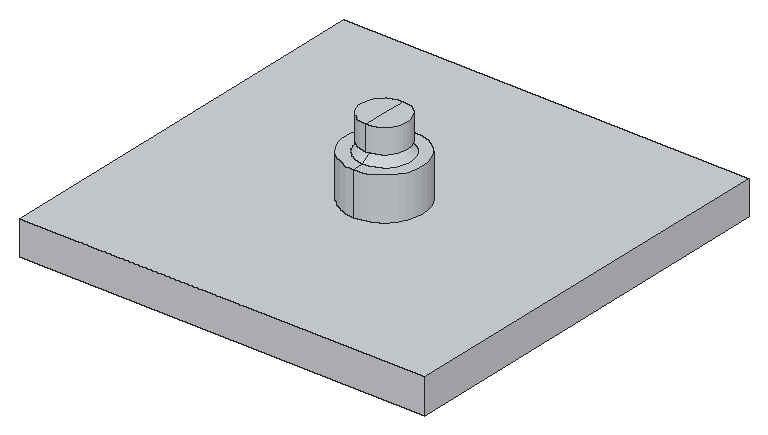
Revit family "BRG-GRF-DCH_ Briggs Reg. Cuad. Top ABS 20 +ù 20 cm Cr", category Aparatos sanitarios, Revit 2020
Family settings
  Cota de conector redondo = Diámetro de uso
  Tipo de pieza = Normal
  Número OmniClass = 23.45.00.00
  Título OmniClass = Sanitary, Laundry, and Cleaning Equipment
  Se basa en plano de trabajo = No
  Siempre vertical = Sí
  Corte con vacíos al cargar = No
  Compartido = Sí
  Punto de cálculo de habitación = Sí
Parameters (values of type "REGADERA CUADRADA TOP ABS 20 x 20 CM")
  _EDESA_ Sku/código = "SG0086563061CW"
  _EDESA_ Materiales = "Latón"
  _EDESA_ Garantía = "De por vida para el cuerpo principal y acabado en cromo (306)"
  _EDESA_ Cumple normativa ADA = ""
  _EDESA_ Contacto comercial = "(02) 395 2900"
  _EDESA_ Conexión hidráulica = "Entrada de agua: tubería ø 1/2\""
  _EDESA_ Certificación = "Cumple con norma NTE - INEN 3123 basada en la norma ASME 112.18.1 - 2012."
  _EDESA_ Productos necesarios para instalación = "Brazo de ducha"
  _EDESA_ Productos incluídos = ""
  _EDESA_ Color = "cromo"
  _EDESA_ Descripción = "Regadera de ducha"
  _EDESA_ Peso en kg = "1.8 kg"
  _EDESA_ Consumo/capacidad de agua en L = "9.5 litros por minuto / 2.5 gpm"
  _EDESA_ Distancia de instalación en cm (muro terminado) = "0"
  _EDESA_ Tipo de instalación = "Con brazo de ducha"
  _EDESA_ Profundidad en cm = "20"
  _EDESA_ Categoría = "Productos > Grifería > Ducha"
  _EDESA_ BIM Manager = "Arq. Milton Ruano"
  _EDESA_ Autor BIM = "www.bimplus.com.ec (bimplus.arquitectura.integrada@gmail.com)"
  _EDESA_ Ancho en cm = "20"
  _EDESA_ Alto en cm = "7.8"
  _EDESA_ Manual de Instalación = "https://www.briggs.com.ec/productos/instructivos/Briggs/Griferia/Regadera_con_brazo.pdf"
  _EDESA_ Nombre = "REGADERA CUADRADA TOP ABS 20 x 20 CM"
  _ALT_Eje instalación = 0.60 m
  _ALT_Basamento = 0.85 m
  URL = "https://www.briggs.com.ec/Productos/fichastecnicaspdf/Briggs/Griferia/Regadera_cuadrada_top_ABS_20_x_20.pdf"
  Modelo = "REGADERA CUADRADA TOP ABS 20 x 20 CM"
  Imagen de tipo = <Ninguno>
  Fabricante = "BRIGGS Ecuador"
  Elevación por defecto = 0.00 m
  Conexión de ventilación = yes
  Conexión de residuos = yes
  Conexión AF = yes
  Conexión AC = yes
Reference planes (m)
  plane 1 "Centro (Frontal/Posterior)": y = 0
  plane 2: z = 0
  plane 3 "Centro (Izquierda/Derecha)": x = 0
Dimensions and locks (m)
  aligned and locked: level to plane 2
  aligned and locked: plane 3 "Centro (Izquierda/Derecha)" to nested 1
  aligned and locked: plane 1 "Centro (Frontal/Posterior)" to nested 1
Nested families (m)
  nested 1: "REJILLA" at (0, 0, 0), type "REJILLA"
Connectors (m)
  piping at (0, 0, 0), diameter 0.0127
    settings: on nested 1, index 1, connector inside diameter 609.6 mm, connector length 0.00 m, flow factor 0, pipe flow 0.0 L/s, pressure drop 0.0 Pa, fitting loss kfactor 0, connector angle 0.00°, fixture units 0, engagement length 0.00 m, angle of deflection 0.00°, flow configuration 0, flow direction 1, fitting loss method 0, system type 7, joint type 0, gender type 0, connector reference index -1, connector utility 0, adjustable connector no, is connector primary yes, connector description ""
Definition of nested family "REJILLA"
  Parameters (values of type "REJILLA")
    _EDESA_tipo genérico = "Inodoro"
    _EDESA_URL de ficha técnica = "https://edesa.com.ec/productos/fichastecnicaspdf/Edesa/Sanitarios/Andes.pdf"
    _EDESA_Imagen = 0
    _EDESA_Fábrica nacional = "EDESA Ecuador"
    _EDESA_Código de producto = "JS0022641301CE"
    _EDESA_ Tolerancia dimensional = "± 3% > 20 cm ± 5% < 20 cm"
    _EDESA_ Tipo de montaje / instalación = "30.5 cm"
    _EDESA_ Superficie del agua = "15.5 cm x 18.8 cm"
    _EDESA_ SKU = "JS0022641301CE"
    _EDESA_ Material secundario = "Plástico blanco"
    _EDESA_ Material principal = "Porcelana tono verde mist"
    _EDESA_ Altura = 72.80 m
    _EDESA_ Peso = "23.20 Kg"
    _EDESA_ Nivel mínimo del agua del tanque = "17.5 cm"
    _EDESA_ Largo = 67.50 m
    _EDESA_ Espesor mínimo = "0.6 cm"
    _EDESA_ Diámetro trampa = "4.8 cm"
    _EDESA_ Color = "Blanco"
    _EDESA_ Categoria = "Two pieces"
    _EDESA_ Capacidad / consumo de agua = "4.8 litros"
    _EDESA_ Ancho = 36.50 m
    _EDESA_ Altura de sello = "N/A"
    _ALT_Toma = 0.60 m
    _ALT_Meson = 0.85 m
    URL = "https://edesa.com.ec/productos/fichastecnicaspdf/Edesa/Sanitarios/Andes.pdf"
    Model = "_Edesa_ INODORO ANDES C/A BLANCO"
    Type Image = element 399132
    Manufacturer = "EDESA Ecuador"
    Default Elevation = 0.00 m
    Vent Connection = no
    Waste Connection = no
    CW Connection = no
    HW Connection = no
  Reference planes (m)
    plane 1 "Centro (Frontal/Posterior)": y = 0
    plane 2: z = 0
    plane 3 "Centro (Izquierda/Derecha)": x = 0
    plane 4 "_Alt_Altura de Meson": z = 0.85
    plane 5 "Centro I/E": z = 0.946565
    plane 6 "_RP_Eje": z = 0.6
  Forms (m)
    Revolve 1, solid
      sketch origin (0, 0, 0) x (0, 1, 0) y (0, 0, 1)
        loop
          line (0.0115, 0) -> (0, 0) -> (0, -0.038) -> (0.019, -0.038) -> (0.019, -0.017) -> (0.01303, -0.017)
          arc (0.01303, -0.017) -> (0.010527, -0.01509) -> (0.007749, -0.013608) r 0.019477
          line (0.007749, -0.013608) -> (0.007749, -0.012) -> (0.0115, -0.012) -> (0.0115, 0)
        axis (0, -0.038) -> (0, 0)
      angle from 0 to 360
    Extrusion 2, solid
      sketch origin (0, 0, 0) x (1, 0, 0) y (0, 1, 0)
        loop
          line (-0.1, 0.1) -> (-0.1, -0.1) -> (0.1, -0.1) -> (0.1, 0.1) -> (-0.1, 0.1)
      from -0.055 to -0.038
    Extrusion 3, solid
      sketch origin (0, 0, 0) x (1, 0, 0) y (0, 1, 0)
        loop
          line (-0.083, -0.083) -> (-0.079, -0.083) -> (-0.079, -0.079) -> (-0.083, -0.079) -> (-0.083, -0.083)
        loop
          circle (-0.081, -0.081) r 0.001
      from -0.056 to -0.055
    Extrusion 4, solid
      sketch origin (0.162, 0, 0) x (1, 0, 0) y (0, 1, 0)
        loop
          line (-0.083, -0.083) -> (-0.079, -0.083) -> (-0.079, -0.079) -> (-0.083, -0.079) -> (-0.083, -0.083)
        loop
          circle (-0.081, -0.081) r 0.001
      from -0.056 to -0.055
    Extrusion 5, solid
      sketch origin (0.018, 0, 0) x (1, 0, 0) y (0, 1, 0)
        loop
          line (-0.083, -0.083) -> (-0.079, -0.083) -> (-0.079, -0.079) -> (-0.083, -0.079) -> (-0.083, -0.083)
        loop
          circle (-0.081, -0.081) r 0.001
      from -0.056 to -0.055
    Extrusion 6, solid
      sketch origin (0.036, 0, 0) x (1, 0, 0) y (0, 1, 0)
        loop
          line (-0.083, -0.083) -> (-0.079, -0.083) -> (-0.079, -0.079) -> (-0.083, -0.079) -> (-0.083, -0.083)
        loop
          circle (-0.081, -0.081) r 0.001
      from -0.056 to -0.055
    Extrusion 7, solid
      sketch origin (0.054, 0, 0) x (1, 0, 0) y (0, 1, 0)
        loop
          line (-0.083, -0.083) -> (-0.079, -0.083) -> (-0.079, -0.079) -> (-0.083, -0.079) -> (-0.083, -0.083)
        loop
          circle (-0.081, -0.081) r 0.001
      from -0.056 to -0.055
    Extrusion 8, solid
      sketch origin (0.072, 0, 0) x (1, 0, 0) y (0, 1, 0)
        loop
          line (-0.083, -0.083) -> (-0.079, -0.083) -> (-0.079, -0.079) -> (-0.083, -0.079) -> (-0.083, -0.083)
        loop
          circle (-0.081, -0.081) r 0.001
      from -0.056 to -0.055
    Extrusion 9, solid
      sketch origin (0.09, 0, 0) x (1, 0, 0) y (0, 1, 0)
        loop
          line (-0.083, -0.083) -> (-0.079, -0.083) -> (-0.079, -0.079) -> (-0.083, -0.079) -> (-0.083, -0.083)
        loop
          circle (-0.081, -0.081) r 0.001
      from -0.056 to -0.055
    Extrusion 10, solid
      sketch origin (0.108, 0, 0) x (1, 0, 0) y (0, 1, 0)
        loop
          line (-0.083, -0.083) -> (-0.079, -0.083) -> (-0.079, -0.079) -> (-0.083, -0.079) -> (-0.083, -0.083)
        loop
          circle (-0.081, -0.081) r 0.001
      from -0.056 to -0.055
    Extrusion 11, solid
      sketch origin (0.126, 0, 0) x (1, 0, 0) y (0, 1, 0)
        loop
          line (-0.083, -0.083) -> (-0.079, -0.083) -> (-0.079, -0.079) -> (-0.083, -0.079) -> (-0.083, -0.083)
        loop
          circle (-0.081, -0.081) r 0.001
      from -0.056 to -0.055
    Extrusion 12, solid
      sketch origin (0.144, 0, 0) x (1, 0, 0) y (0, 1, 0)
        loop
          line (-0.083, -0.083) -> (-0.079, -0.083) -> (-0.079, -0.079) -> (-0.083, -0.079) -> (-0.083, -0.083)
        loop
          circle (-0.081, -0.081) r 0.001
      from -0.056 to -0.055
    Extrusion 13, solid
      sketch origin (0, 0.162, 0) x (1, 0, 0) y (0, 1, 0)
        loop
          line (-0.083, -0.083) -> (-0.079, -0.083) -> (-0.079, -0.079) -> (-0.083, -0.079) -> (-0.083, -0.083)
        loop
          circle (-0.081, -0.081) r 0.001
      from -0.056 to -0.055
    Extrusion 14, solid
      sketch origin (0.162, 0.162, 0) x (1, 0, 0) y (0, 1, 0)
        loop
          line (-0.083, -0.083) -> (-0.079, -0.083) -> (-0.079, -0.079) -> (-0.083, -0.079) -> (-0.083, -0.083)
        loop
          circle (-0.081, -0.081) r 0.001
      from -0.056 to -0.055
    Extrusion 15, solid
      sketch origin (0.018, 0.162, 0) x (1, 0, 0) y (0, 1, 0)
        loop
          line (-0.083, -0.083) -> (-0.079, -0.083) -> (-0.079, -0.079) -> (-0.083, -0.079) -> (-0.083, -0.083)
        loop
          circle (-0.081, -0.081) r 0.001
      from -0.056 to -0.055
    Extrusion 16, solid
      sketch origin (0.036, 0.162, 0) x (1, 0, 0) y (0, 1, 0)
        loop
          line (-0.083, -0.083) -> (-0.079, -0.083) -> (-0.079, -0.079) -> (-0.083, -0.079) -> (-0.083, -0.083)
        loop
          circle (-0.081, -0.081) r 0.001
      from -0.056 to -0.055
    Extrusion 17, solid
      sketch origin (0.054, 0.162, 0) x (1, 0, 0) y (0, 1, 0)
        loop
          line (-0.083, -0.083) -> (-0.079, -0.083) -> (-0.079, -0.079) -> (-0.083, -0.079) -> (-0.083, -0.083)
        loop
          circle (-0.081, -0.081) r 0.001
      from -0.056 to -0.055
    Extrusion 18, solid
      sketch origin (0.072, 0.162, 0) x (1, 0, 0) y (0, 1, 0)
        loop
          line (-0.083, -0.083) -> (-0.079, -0.083) -> (-0.079, -0.079) -> (-0.083, -0.079) -> (-0.083, -0.083)
        loop
          circle (-0.081, -0.081) r 0.001
      from -0.056 to -0.055
    Extrusion 19, solid
      sketch origin (0.09, 0.162, 0) x (1, 0, 0) y (0, 1, 0)
        loop
          line (-0.083, -0.083) -> (-0.079, -0.083) -> (-0.079, -0.079) -> (-0.083, -0.079) -> (-0.083, -0.083)
        loop
          circle (-0.081, -0.081) r 0.001
      from -0.056 to -0.055
    Extrusion 20, solid
      sketch origin (0.108, 0.162, 0) x (1, 0, 0) y (0, 1, 0)
        loop
          line (-0.083, -0.083) -> (-0.079, -0.083) -> (-0.079, -0.079) -> (-0.083, -0.079) -> (-0.083, -0.083)
        loop
          circle (-0.081, -0.081) r 0.001
      from -0.056 to -0.055
    Extrusion 21, solid
      sketch origin (0.126, 0.162, 0) x (1, 0, 0) y (0, 1, 0)
        loop
          line (-0.083, -0.083) -> (-0.079, -0.083) -> (-0.079, -0.079) -> (-0.083, -0.079) -> (-0.083, -0.083)
        loop
          circle (-0.081, -0.081) r 0.001
      from -0.056 to -0.055
    Extrusion 22, solid
      sketch origin (0.144, 0.162, 0) x (1, 0, 0) y (0, 1, 0)
        loop
          line (-0.083, -0.083) -> (-0.079, -0.083) -> (-0.079, -0.079) -> (-0.083, -0.079) -> (-0.083, -0.083)
        loop
          circle (-0.081, -0.081) r 0.001
      from -0.056 to -0.055
    Extrusion 23, solid
      sketch origin (0, 0.018, 0) x (1, 0, 0) y (0, 1, 0)
        loop
          line (-0.083, -0.083) -> (-0.079, -0.083) -> (-0.079, -0.079) -> (-0.083, -0.079) -> (-0.083, -0.083)
        loop
          circle (-0.081, -0.081) r 0.001
      from -0.056 to -0.055
    Extrusion 24, solid
      sketch origin (0.162, 0.018, 0) x (1, 0, 0) y (0, 1, 0)
        loop
          line (-0.083, -0.083) -> (-0.079, -0.083) -> (-0.079, -0.079) -> (-0.083, -0.079) -> (-0.083, -0.083)
        loop
          circle (-0.081, -0.081) r 0.001
      from -0.056 to -0.055
    Extrusion 25, solid
      sketch origin (0.018, 0.018, 0) x (1, 0, 0) y (0, 1, 0)
        loop
          line (-0.083, -0.083) -> (-0.079, -0.083) -> (-0.079, -0.079) -> (-0.083, -0.079) -> (-0.083, -0.083)
        loop
          circle (-0.081, -0.081) r 0.001
      from -0.056 to -0.055
    Extrusion 26, solid
      sketch origin (0.036, 0.018, 0) x (1, 0, 0) y (0, 1, 0)
        loop
          line (-0.083, -0.083) -> (-0.079, -0.083) -> (-0.079, -0.079) -> (-0.083, -0.079) -> (-0.083, -0.083)
        loop
          circle (-0.081, -0.081) r 0.001
      from -0.056 to -0.055
    Extrusion 27, solid
      sketch origin (0.054, 0.018, 0) x (1, 0, 0) y (0, 1, 0)
        loop
          line (-0.083, -0.083) -> (-0.079, -0.083) -> (-0.079, -0.079) -> (-0.083, -0.079) -> (-0.083, -0.083)
        loop
          circle (-0.081, -0.081) r 0.001
      from -0.056 to -0.055
    Extrusion 28, solid
      sketch origin (0.072, 0.018, 0) x (1, 0, 0) y (0, 1, 0)
        loop
          line (-0.083, -0.083) -> (-0.079, -0.083) -> (-0.079, -0.079) -> (-0.083, -0.079) -> (-0.083, -0.083)
        loop
          circle (-0.081, -0.081) r 0.001
      from -0.056 to -0.055
    Extrusion 29, solid
      sketch origin (0.09, 0.018, 0) x (1, 0, 0) y (0, 1, 0)
        loop
          line (-0.083, -0.083) -> (-0.079, -0.083) -> (-0.079, -0.079) -> (-0.083, -0.079) -> (-0.083, -0.083)
        loop
          circle (-0.081, -0.081) r 0.001
      from -0.056 to -0.055
    Extrusion 30, solid
      sketch origin (0.108, 0.018, 0) x (1, 0, 0) y (0, 1, 0)
        loop
          line (-0.083, -0.083) -> (-0.079, -0.083) -> (-0.079, -0.079) -> (-0.083, -0.079) -> (-0.083, -0.083)
        loop
          circle (-0.081, -0.081) r 0.001
      from -0.056 to -0.055
    Extrusion 31, solid
      sketch origin (0.126, 0.018, 0) x (1, 0, 0) y (0, 1, 0)
        loop
          line (-0.083, -0.083) -> (-0.079, -0.083) -> (-0.079, -0.079) -> (-0.083, -0.079) -> (-0.083, -0.083)
        loop
          circle (-0.081, -0.081) r 0.001
      from -0.056 to -0.055
    Extrusion 32, solid
      sketch origin (0.144, 0.018, 0) x (1, 0, 0) y (0, 1, 0)
        loop
          line (-0.083, -0.083) -> (-0.079, -0.083) -> (-0.079, -0.079) -> (-0.083, -0.079) -> (-0.083, -0.083)
        loop
          circle (-0.081, -0.081) r 0.001
      from -0.056 to -0.055
    Extrusion 33, solid
      sketch origin (0, 0.036, 0) x (1, 0, 0) y (0, 1, 0)
        loop
          line (-0.083, -0.083) -> (-0.079, -0.083) -> (-0.079, -0.079) -> (-0.083, -0.079) -> (-0.083, -0.083)
        loop
          circle (-0.081, -0.081) r 0.001
      from -0.056 to -0.055
    Extrusion 34, solid
      sketch origin (0.162, 0.036, 0) x (1, 0, 0) y (0, 1, 0)
        loop
          line (-0.083, -0.083) -> (-0.079, -0.083) -> (-0.079, -0.079) -> (-0.083, -0.079) -> (-0.083, -0.083)
        loop
          circle (-0.081, -0.081) r 0.001
      from -0.056 to -0.055
    Extrusion 35, solid
      sketch origin (0.018, 0.036, 0) x (1, 0, 0) y (0, 1, 0)
        loop
          line (-0.083, -0.083) -> (-0.079, -0.083) -> (-0.079, -0.079) -> (-0.083, -0.079) -> (-0.083, -0.083)
        loop
          circle (-0.081, -0.081) r 0.001
      from -0.056 to -0.055
    Extrusion 36, solid
      sketch origin (0.036, 0.036, 0) x (1, 0, 0) y (0, 1, 0)
        loop
          line (-0.083, -0.083) -> (-0.079, -0.083) -> (-0.079, -0.079) -> (-0.083, -0.079) -> (-0.083, -0.083)
        loop
          circle (-0.081, -0.081) r 0.001
      from -0.056 to -0.055
    Extrusion 37, solid
      sketch origin (0.054, 0.036, 0) x (1, 0, 0) y (0, 1, 0)
        loop
          line (-0.083, -0.083) -> (-0.079, -0.083) -> (-0.079, -0.079) -> (-0.083, -0.079) -> (-0.083, -0.083)
        loop
          circle (-0.081, -0.081) r 0.001
      from -0.056 to -0.055
    Extrusion 38, solid
      sketch origin (0.072, 0.036, 0) x (1, 0, 0) y (0, 1, 0)
        loop
          line (-0.083, -0.083) -> (-0.079, -0.083) -> (-0.079, -0.079) -> (-0.083, -0.079) -> (-0.083, -0.083)
        loop
          circle (-0.081, -0.081) r 0.001
      from -0.056 to -0.055
    Extrusion 39, solid
      sketch origin (0.09, 0.036, 0) x (1, 0, 0) y (0, 1, 0)
        loop
          line (-0.083, -0.083) -> (-0.079, -0.083) -> (-0.079, -0.079) -> (-0.083, -0.079) -> (-0.083, -0.083)
        loop
          circle (-0.081, -0.081) r 0.001
      from -0.056 to -0.055
    Extrusion 40, solid
      sketch origin (0.108, 0.036, 0) x (1, 0, 0) y (0, 1, 0)
        loop
          line (-0.083, -0.083) -> (-0.079, -0.083) -> (-0.079, -0.079) -> (-0.083, -0.079) -> (-0.083, -0.083)
        loop
          circle (-0.081, -0.081) r 0.001
      from -0.056 to -0.055
    Extrusion 41, solid
      sketch origin (0.126, 0.036, 0) x (1, 0, 0) y (0, 1, 0)
        loop
          line (-0.083, -0.083) -> (-0.079, -0.083) -> (-0.079, -0.079) -> (-0.083, -0.079) -> (-0.083, -0.083)
        loop
          circle (-0.081, -0.081) r 0.001
      from -0.056 to -0.055
    Extrusion 42, solid
      sketch origin (0.144, 0.036, 0) x (1, 0, 0) y (0, 1, 0)
        loop
          line (-0.083, -0.083) -> (-0.079, -0.083) -> (-0.079, -0.079) -> (-0.083, -0.079) -> (-0.083, -0.083)
        loop
          circle (-0.081, -0.081) r 0.001
      from -0.056 to -0.055
    Extrusion 43, solid
      sketch origin (0, 0.054, 0) x (1, 0, 0) y (0, 1, 0)
        loop
          line (-0.083, -0.083) -> (-0.079, -0.083) -> (-0.079, -0.079) -> (-0.083, -0.079) -> (-0.083, -0.083)
        loop
          circle (-0.081, -0.081) r 0.001
      from -0.056 to -0.055
    Extrusion 44, solid
      sketch origin (0.162, 0.054, 0) x (1, 0, 0) y (0, 1, 0)
        loop
          line (-0.083, -0.083) -> (-0.079, -0.083) -> (-0.079, -0.079) -> (-0.083, -0.079) -> (-0.083, -0.083)
        loop
          circle (-0.081, -0.081) r 0.001
      from -0.056 to -0.055
    Extrusion 45, solid
      sketch origin (0.018, 0.054, 0) x (1, 0, 0) y (0, 1, 0)
        loop
          line (-0.083, -0.083) -> (-0.079, -0.083) -> (-0.079, -0.079) -> (-0.083, -0.079) -> (-0.083, -0.083)
        loop
          circle (-0.081, -0.081) r 0.001
      from -0.056 to -0.055
    Extrusion 46, solid
      sketch origin (0.036, 0.054, 0) x (1, 0, 0) y (0, 1, 0)
        loop
          line (-0.083, -0.083) -> (-0.079, -0.083) -> (-0.079, -0.079) -> (-0.083, -0.079) -> (-0.083, -0.083)
        loop
          circle (-0.081, -0.081) r 0.001
      from -0.056 to -0.055
    Extrusion 47, solid
      sketch origin (0.054, 0.054, 0) x (1, 0, 0) y (0, 1, 0)
        loop
          line (-0.083, -0.083) -> (-0.079, -0.083) -> (-0.079, -0.079) -> (-0.083, -0.079) -> (-0.083, -0.083)
        loop
          circle (-0.081, -0.081) r 0.001
      from -0.056 to -0.055
    Extrusion 48, solid
      sketch origin (0.072, 0.054, 0) x (1, 0, 0) y (0, 1, 0)
        loop
          line (-0.083, -0.083) -> (-0.079, -0.083) -> (-0.079, -0.079) -> (-0.083, -0.079) -> (-0.083, -0.083)
        loop
          circle (-0.081, -0.081) r 0.001
      from -0.056 to -0.055
    Extrusion 49, solid
      sketch origin (0.09, 0.054, 0) x (1, 0, 0) y (0, 1, 0)
        loop
          line (-0.083, -0.083) -> (-0.079, -0.083) -> (-0.079, -0.079) -> (-0.083, -0.079) -> (-0.083, -0.083)
        loop
          circle (-0.081, -0.081) r 0.001
      from -0.056 to -0.055
    Extrusion 50, solid
      sketch origin (0.108, 0.054, 0) x (1, 0, 0) y (0, 1, 0)
        loop
          line (-0.083, -0.083) -> (-0.079, -0.083) -> (-0.079, -0.079) -> (-0.083, -0.079) -> (-0.083, -0.083)
        loop
          circle (-0.081, -0.081) r 0.001
      from -0.056 to -0.055
    Extrusion 51, solid
      sketch origin (0.126, 0.054, 0) x (1, 0, 0) y (0, 1, 0)
        loop
          line (-0.083, -0.083) -> (-0.079, -0.083) -> (-0.079, -0.079) -> (-0.083, -0.079) -> (-0.083, -0.083)
        loop
          circle (-0.081, -0.081) r 0.001
      from -0.056 to -0.055
    Extrusion 52, solid
      sketch origin (0.144, 0.054, 0) x (1, 0, 0) y (0, 1, 0)
        loop
          line (-0.083, -0.083) -> (-0.079, -0.083) -> (-0.079, -0.079) -> (-0.083, -0.079) -> (-0.083, -0.083)
        loop
          circle (-0.081, -0.081) r 0.001
      from -0.056 to -0.055
    Extrusion 53, solid
      sketch origin (0, 0.072, 0) x (1, 0, 0) y (0, 1, 0)
        loop
          line (-0.083, -0.083) -> (-0.079, -0.083) -> (-0.079, -0.079) -> (-0.083, -0.079) -> (-0.083, -0.083)
        loop
          circle (-0.081, -0.081) r 0.001
      from -0.056 to -0.055
    Extrusion 54, solid
      sketch origin (0.162, 0.072, 0) x (1, 0, 0) y (0, 1, 0)
        loop
          line (-0.083, -0.083) -> (-0.079, -0.083) -> (-0.079, -0.079) -> (-0.083, -0.079) -> (-0.083, -0.083)
        loop
          circle (-0.081, -0.081) r 0.001
      from -0.056 to -0.055
    Extrusion 55, solid
      sketch origin (0.018, 0.072, 0) x (1, 0, 0) y (0, 1, 0)
        loop
          line (-0.083, -0.083) -> (-0.079, -0.083) -> (-0.079, -0.079) -> (-0.083, -0.079) -> (-0.083, -0.083)
        loop
          circle (-0.081, -0.081) r 0.001
      from -0.056 to -0.055
    Extrusion 56, solid
      sketch origin (0.036, 0.072, 0) x (1, 0, 0) y (0, 1, 0)
        loop
          line (-0.083, -0.083) -> (-0.079, -0.083) -> (-0.079, -0.079) -> (-0.083, -0.079) -> (-0.083, -0.083)
        loop
          circle (-0.081, -0.081) r 0.001
      from -0.056 to -0.055
    Extrusion 57, solid
      sketch origin (0.054, 0.072, 0) x (1, 0, 0) y (0, 1, 0)
        loop
          line (-0.083, -0.083) -> (-0.079, -0.083) -> (-0.079, -0.079) -> (-0.083, -0.079) -> (-0.083, -0.083)
        loop
          circle (-0.081, -0.081) r 0.001
      from -0.056 to -0.055
    Extrusion 58, solid
      sketch origin (0.072, 0.072, 0) x (1, 0, 0) y (0, 1, 0)
        loop
          line (-0.083, -0.083) -> (-0.079, -0.083) -> (-0.079, -0.079) -> (-0.083, -0.079) -> (-0.083, -0.083)
        loop
          circle (-0.081, -0.081) r 0.001
      from -0.056 to -0.055
    Extrusion 59, solid
      sketch origin (0.09, 0.072, 0) x (1, 0, 0) y (0, 1, 0)
        loop
          line (-0.083, -0.083) -> (-0.079, -0.083) -> (-0.079, -0.079) -> (-0.083, -0.079) -> (-0.083, -0.083)
        loop
          circle (-0.081, -0.081) r 0.001
      from -0.056 to -0.055
    Extrusion 60, solid
      sketch origin (0.108, 0.072, 0) x (1, 0, 0) y (0, 1, 0)
        loop
          line (-0.083, -0.083) -> (-0.079, -0.083) -> (-0.079, -0.079) -> (-0.083, -0.079) -> (-0.083, -0.083)
        loop
          circle (-0.081, -0.081) r 0.001
      from -0.056 to -0.055
    Extrusion 61, solid
      sketch origin (0.126, 0.072, 0) x (1, 0, 0) y (0, 1, 0)
        loop
          line (-0.083, -0.083) -> (-0.079, -0.083) -> (-0.079, -0.079) -> (-0.083, -0.079) -> (-0.083, -0.083)
        loop
          circle (-0.081, -0.081) r 0.001
      from -0.056 to -0.055
    Extrusion 62, solid
      sketch origin (0.144, 0.072, 0) x (1, 0, 0) y (0, 1, 0)
        loop
          line (-0.083, -0.083) -> (-0.079, -0.083) -> (-0.079, -0.079) -> (-0.083, -0.079) -> (-0.083, -0.083)
        loop
          circle (-0.081, -0.081) r 0.001
      from -0.056 to -0.055
    Extrusion 63, solid
      sketch origin (0, 0.09, 0) x (1, 0, 0) y (0, 1, 0)
        loop
          line (-0.083, -0.083) -> (-0.079, -0.083) -> (-0.079, -0.079) -> (-0.083, -0.079) -> (-0.083, -0.083)
        loop
          circle (-0.081, -0.081) r 0.001
      from -0.056 to -0.055
    Extrusion 64, solid
      sketch origin (0.162, 0.09, 0) x (1, 0, 0) y (0, 1, 0)
        loop
          line (-0.083, -0.083) -> (-0.079, -0.083) -> (-0.079, -0.079) -> (-0.083, -0.079) -> (-0.083, -0.083)
        loop
          circle (-0.081, -0.081) r 0.001
      from -0.056 to -0.055
    Extrusion 65, solid
      sketch origin (0.018, 0.09, 0) x (1, 0, 0) y (0, 1, 0)
        loop
          line (-0.083, -0.083) -> (-0.079, -0.083) -> (-0.079, -0.079) -> (-0.083, -0.079) -> (-0.083, -0.083)
        loop
          circle (-0.081, -0.081) r 0.001
      from -0.056 to -0.055
    Extrusion 66, solid
      sketch origin (0.036, 0.09, 0) x (1, 0, 0) y (0, 1, 0)
        loop
          line (-0.083, -0.083) -> (-0.079, -0.083) -> (-0.079, -0.079) -> (-0.083, -0.079) -> (-0.083, -0.083)
        loop
          circle (-0.081, -0.081) r 0.001
      from -0.056 to -0.055
    Extrusion 67, solid
      sketch origin (0.054, 0.09, 0) x (1, 0, 0) y (0, 1, 0)
        loop
          line (-0.083, -0.083) -> (-0.079, -0.083) -> (-0.079, -0.079) -> (-0.083, -0.079) -> (-0.083, -0.083)
        loop
          circle (-0.081, -0.081) r 0.001
      from -0.056 to -0.055
    Extrusion 68, solid
      sketch origin (0.072, 0.09, 0) x (1, 0, 0) y (0, 1, 0)
        loop
          line (-0.083, -0.083) -> (-0.079, -0.083) -> (-0.079, -0.079) -> (-0.083, -0.079) -> (-0.083, -0.083)
        loop
          circle (-0.081, -0.081) r 0.001
      from -0.056 to -0.055
    Extrusion 69, solid
      sketch origin (0.09, 0.09, 0) x (1, 0, 0) y (0, 1, 0)
        loop
          line (-0.083, -0.083) -> (-0.079, -0.083) -> (-0.079, -0.079) -> (-0.083, -0.079) -> (-0.083, -0.083)
        loop
          circle (-0.081, -0.081) r 0.001
      from -0.056 to -0.055
    Extrusion 70, solid
      sketch origin (0.108, 0.09, 0) x (1, 0, 0) y (0, 1, 0)
        loop
          line (-0.083, -0.083) -> (-0.079, -0.083) -> (-0.079, -0.079) -> (-0.083, -0.079) -> (-0.083, -0.083)
        loop
          circle (-0.081, -0.081) r 0.001
      from -0.056 to -0.055
    Extrusion 71, solid
      sketch origin (0.126, 0.09, 0) x (1, 0, 0) y (0, 1, 0)
        loop
          line (-0.083, -0.083) -> (-0.079, -0.083) -> (-0.079, -0.079) -> (-0.083, -0.079) -> (-0.083, -0.083)
        loop
          circle (-0.081, -0.081) r 0.001
      from -0.056 to -0.055
    Extrusion 72, solid
      sketch origin (0.144, 0.09, 0) x (1, 0, 0) y (0, 1, 0)
        loop
          line (-0.083, -0.083) -> (-0.079, -0.083) -> (-0.079, -0.079) -> (-0.083, -0.079) -> (-0.083, -0.083)
        loop
          circle (-0.081, -0.081) r 0.001
      from -0.056 to -0.055
    Extrusion 73, solid
      sketch origin (0, 0.108, 0) x (1, 0, 0) y (0, 1, 0)
        loop
          line (-0.083, -0.083) -> (-0.079, -0.083) -> (-0.079, -0.079) -> (-0.083, -0.079) -> (-0.083, -0.083)
        loop
          circle (-0.081, -0.081) r 0.001
      from -0.056 to -0.055
    Extrusion 74, solid
      sketch origin (0.162, 0.108, 0) x (1, 0, 0) y (0, 1, 0)
        loop
          line (-0.083, -0.083) -> (-0.079, -0.083) -> (-0.079, -0.079) -> (-0.083, -0.079) -> (-0.083, -0.083)
        loop
          circle (-0.081, -0.081) r 0.001
      from -0.056 to -0.055
    Extrusion 75, solid
      sketch origin (0.018, 0.108, 0) x (1, 0, 0) y (0, 1, 0)
        loop
          line (-0.083, -0.083) -> (-0.079, -0.083) -> (-0.079, -0.079) -> (-0.083, -0.079) -> (-0.083, -0.083)
        loop
          circle (-0.081, -0.081) r 0.001
      from -0.056 to -0.055
    Extrusion 76, solid
      sketch origin (0.036, 0.108, 0) x (1, 0, 0) y (0, 1, 0)
        loop
          line (-0.083, -0.083) -> (-0.079, -0.083) -> (-0.079, -0.079) -> (-0.083, -0.079) -> (-0.083, -0.083)
        loop
          circle (-0.081, -0.081) r 0.001
      from -0.056 to -0.055
    Extrusion 77, solid
      sketch origin (0.054, 0.108, 0) x (1, 0, 0) y (0, 1, 0)
        loop
          line (-0.083, -0.083) -> (-0.079, -0.083) -> (-0.079, -0.079) -> (-0.083, -0.079) -> (-0.083, -0.083)
        loop
          circle (-0.081, -0.081) r 0.001
      from -0.056 to -0.055
    Extrusion 78, solid
      sketch origin (0.072, 0.108, 0) x (1, 0, 0) y (0, 1, 0)
        loop
          line (-0.083, -0.083) -> (-0.079, -0.083) -> (-0.079, -0.079) -> (-0.083, -0.079) -> (-0.083, -0.083)
        loop
          circle (-0.081, -0.081) r 0.001
      from -0.056 to -0.055
    Extrusion 79, solid
      sketch origin (0.09, 0.108, 0) x (1, 0, 0) y (0, 1, 0)
        loop
          line (-0.083, -0.083) -> (-0.079, -0.083) -> (-0.079, -0.079) -> (-0.083, -0.079) -> (-0.083, -0.083)
        loop
          circle (-0.081, -0.081) r 0.001
      from -0.056 to -0.055
    Extrusion 80, solid
      sketch origin (0.108, 0.108, 0) x (1, 0, 0) y (0, 1, 0)
        loop
          line (-0.083, -0.083) -> (-0.079, -0.083) -> (-0.079, -0.079) -> (-0.083, -0.079) -> (-0.083, -0.083)
        loop
          circle (-0.081, -0.081) r 0.001
      from -0.056 to -0.055
    Extrusion 81, solid
      sketch origin (0.126, 0.108, 0) x (1, 0, 0) y (0, 1, 0)
        loop
          line (-0.083, -0.083) -> (-0.079, -0.083) -> (-0.079, -0.079) -> (-0.083, -0.079) -> (-0.083, -0.083)
        loop
          circle (-0.081, -0.081) r 0.001
      from -0.056 to -0.055
    Extrusion 82, solid
      sketch origin (0.144, 0.108, 0) x (1, 0, 0) y (0, 1, 0)
        loop
          line (-0.083, -0.083) -> (-0.079, -0.083) -> (-0.079, -0.079) -> (-0.083, -0.079) -> (-0.083, -0.083)
        loop
          circle (-0.081, -0.081) r 0.001
      from -0.056 to -0.055
    Extrusion 83, solid
      sketch origin (0, 0.126, 0) x (1, 0, 0) y (0, 1, 0)
        loop
          line (-0.083, -0.083) -> (-0.079, -0.083) -> (-0.079, -0.079) -> (-0.083, -0.079) -> (-0.083, -0.083)
        loop
          circle (-0.081, -0.081) r 0.001
      from -0.056 to -0.055
    Extrusion 84, solid
      sketch origin (0.162, 0.126, 0) x (1, 0, 0) y (0, 1, 0)
        loop
          line (-0.083, -0.083) -> (-0.079, -0.083) -> (-0.079, -0.079) -> (-0.083, -0.079) -> (-0.083, -0.083)
        loop
          circle (-0.081, -0.081) r 0.001
      from -0.056 to -0.055
    Extrusion 85, solid
      sketch origin (0.018, 0.126, 0) x (1, 0, 0) y (0, 1, 0)
        loop
          line (-0.083, -0.083) -> (-0.079, -0.083) -> (-0.079, -0.079) -> (-0.083, -0.079) -> (-0.083, -0.083)
        loop
          circle (-0.081, -0.081) r 0.001
      from -0.056 to -0.055
    Extrusion 86, solid
      sketch origin (0.036, 0.126, 0) x (1, 0, 0) y (0, 1, 0)
        loop
          line (-0.083, -0.083) -> (-0.079, -0.083) -> (-0.079, -0.079) -> (-0.083, -0.079) -> (-0.083, -0.083)
        loop
          circle (-0.081, -0.081) r 0.001
      from -0.056 to -0.055
    Extrusion 87, solid
      sketch origin (0.054, 0.126, 0) x (1, 0, 0) y (0, 1, 0)
        loop
          line (-0.083, -0.083) -> (-0.079, -0.083) -> (-0.079, -0.079) -> (-0.083, -0.079) -> (-0.083, -0.083)
        loop
          circle (-0.081, -0.081) r 0.001
      from -0.056 to -0.055
    Extrusion 88, solid
      sketch origin (0.072, 0.126, 0) x (1, 0, 0) y (0, 1, 0)
        loop
          line (-0.083, -0.083) -> (-0.079, -0.083) -> (-0.079, -0.079) -> (-0.083, -0.079) -> (-0.083, -0.083)
        loop
          circle (-0.081, -0.081) r 0.001
      from -0.056 to -0.055
    Extrusion 89, solid
      sketch origin (0.09, 0.126, 0) x (1, 0, 0) y (0, 1, 0)
        loop
          line (-0.083, -0.083) -> (-0.079, -0.083) -> (-0.079, -0.079) -> (-0.083, -0.079) -> (-0.083, -0.083)
        loop
          circle (-0.081, -0.081) r 0.001
      from -0.056 to -0.055
    Extrusion 90, solid
      sketch origin (0.108, 0.126, 0) x (1, 0, 0) y (0, 1, 0)
        loop
          line (-0.083, -0.083) -> (-0.079, -0.083) -> (-0.079, -0.079) -> (-0.083, -0.079) -> (-0.083, -0.083)
        loop
          circle (-0.081, -0.081) r 0.001
      from -0.056 to -0.055
    Extrusion 91, solid
      sketch origin (0.126, 0.126, 0) x (1, 0, 0) y (0, 1, 0)
        loop
          line (-0.083, -0.083) -> (-0.079, -0.083) -> (-0.079, -0.079) -> (-0.083, -0.079) -> (-0.083, -0.083)
        loop
          circle (-0.081, -0.081) r 0.001
      from -0.056 to -0.055
    Extrusion 92, solid
      sketch origin (0.144, 0.126, 0) x (1, 0, 0) y (0, 1, 0)
        loop
          line (-0.083, -0.083) -> (-0.079, -0.083) -> (-0.079, -0.079) -> (-0.083, -0.079) -> (-0.083, -0.083)
        loop
          circle (-0.081, -0.081) r 0.001
      from -0.056 to -0.055
    Extrusion 93, solid
      sketch origin (0, 0.144, 0) x (1, 0, 0) y (0, 1, 0)
        loop
          line (-0.083, -0.083) -> (-0.079, -0.083) -> (-0.079, -0.079) -> (-0.083, -0.079) -> (-0.083, -0.083)
        loop
          circle (-0.081, -0.081) r 0.001
      from -0.056 to -0.055
    Extrusion 94, solid
      sketch origin (0.162, 0.144, 0) x (1, 0, 0) y (0, 1, 0)
        loop
          line (-0.083, -0.083) -> (-0.079, -0.083) -> (-0.079, -0.079) -> (-0.083, -0.079) -> (-0.083, -0.083)
        loop
          circle (-0.081, -0.081) r 0.001
      from -0.056 to -0.055
    Extrusion 95, solid
      sketch origin (0.018, 0.144, 0) x (1, 0, 0) y (0, 1, 0)
        loop
          line (-0.083, -0.083) -> (-0.079, -0.083) -> (-0.079, -0.079) -> (-0.083, -0.079) -> (-0.083, -0.083)
        loop
          circle (-0.081, -0.081) r 0.001
      from -0.056 to -0.055
    Extrusion 96, solid
      sketch origin (0.036, 0.144, 0) x (1, 0, 0) y (0, 1, 0)
        loop
          line (-0.083, -0.083) -> (-0.079, -0.083) -> (-0.079, -0.079) -> (-0.083, -0.079) -> (-0.083, -0.083)
        loop
          circle (-0.081, -0.081) r 0.001
      from -0.056 to -0.055
    Extrusion 97, solid
      sketch origin (0.054, 0.144, 0) x (1, 0, 0) y (0, 1, 0)
        loop
          line (-0.083, -0.083) -> (-0.079, -0.083) -> (-0.079, -0.079) -> (-0.083, -0.079) -> (-0.083, -0.083)
        loop
          circle (-0.081, -0.081) r 0.001
      from -0.056 to -0.055
    Extrusion 98, solid
      sketch origin (0.072, 0.144, 0) x (1, 0, 0) y (0, 1, 0)
        loop
          line (-0.083, -0.083) -> (-0.079, -0.083) -> (-0.079, -0.079) -> (-0.083, -0.079) -> (-0.083, -0.083)
        loop
          circle (-0.081, -0.081) r 0.001
      from -0.056 to -0.055
    Extrusion 99, solid
      sketch origin (0.09, 0.144, 0) x (1, 0, 0) y (0, 1, 0)
        loop
          line (-0.083, -0.083) -> (-0.079, -0.083) -> (-0.079, -0.079) -> (-0.083, -0.079) -> (-0.083, -0.083)
        loop
          circle (-0.081, -0.081) r 0.001
      from -0.056 to -0.055
    Extrusion 100, solid
      sketch origin (0.108, 0.144, 0) x (1, 0, 0) y (0, 1, 0)
        loop
          line (-0.083, -0.083) -> (-0.079, -0.083) -> (-0.079, -0.079) -> (-0.083, -0.079) -> (-0.083, -0.083)
        loop
          circle (-0.081, -0.081) r 0.001
      from -0.056 to -0.055
    Extrusion 101, solid
      sketch origin (0.126, 0.144, 0) x (1, 0, 0) y (0, 1, 0)
        loop
          line (-0.083, -0.083) -> (-0.079, -0.083) -> (-0.079, -0.079) -> (-0.083, -0.079) -> (-0.083, -0.083)
        loop
          circle (-0.081, -0.081) r 0.001
      from -0.056 to -0.055
    Extrusion 102, solid
      sketch origin (0.144, 0.144, 0) x (1, 0, 0) y (0, 1, 0)
        loop
          line (-0.083, -0.083) -> (-0.079, -0.083) -> (-0.079, -0.079) -> (-0.083, -0.079) -> (-0.083, -0.083)
        loop
          circle (-0.081, -0.081) r 0.001
      from -0.056 to -0.055
  Dimensions and locks (m)
    plane 4 "_Alt_Altura de Meson" to level = 0.85 m
    "_ALT_Toma": plane 6 "_RP_Eje" to plane 2
    "_ALT_Meson": plane 4 "_Alt_Altura de Meson" to plane 2
    aligned and locked: level to plane 2
  Automatic sketch dimensions
    Revolve 1 sketch curve to plane 1 "Centro (Frontal/Posterior)" = 0.00 m  (x2)
    Revolve 1 sketch curve to level = 0.00 m
    level to Revolve 1 sketch curve = 0.115 m
    Revolve 1 sketch curve to Revolve 1 sketch curve = 0.05 m
    Extrusion 2 sketch curve to plane 3 "Centro (Izquierda/Derecha)" = 0.10 m
    Extrusion 2 sketch curve to plane 1 "Centro (Frontal/Posterior)" = 0.10 m
    plane 3 "Centro (Izquierda/Derecha)" to Extrusion 2 sketch curve = 0.10 m
    plane 1 "Centro (Frontal/Posterior)" to Extrusion 2 sketch curve = 0.10 m
    Revolve 1 sketch curve to level = 0.012 m
    Revolve 1 sketch curve to plane 1 "Centro (Frontal/Posterior)" = 0.007749 m
    Revolve 1 sketch curve to plane 1 "Centro (Frontal/Posterior)" = 0.019 m
    Revolve 1 sketch curve to Revolve 1 sketch curve = 0.005 m
    Revolve 1 sketch curve to Revolve 1 sketch curve = 0.003751 m
    Revolve 1 sketch curve to Revolve 1 sketch curve = 0.001608 m
    Revolve 1 sketch curve to Revolve 1 sketch curve = 0.006523 m
    Revolve 1 sketch curve to Revolve 1 sketch curve = 0.00153 m
    plane 1 "Centro (Frontal/Posterior)" to Revolve 1 sketch curve = 0.00 m
    Extrusion 3 sketch curve to Extrusion 3 sketch curve = 0.004 m  (x2)
    Extrusion 3 sketch curve to Extrusion 3 sketch curve = 0.002 m  (x2)
    Extrusion 4 sketch curve to Extrusion 4 sketch curve = 0.004 m  (x2)
    Extrusion 4 sketch curve to Extrusion 4 sketch curve = 0.002 m  (x2)
    Extrusion 5 sketch curve to Extrusion 5 sketch curve = 0.004 m  (x2)
    Extrusion 5 sketch curve to Extrusion 5 sketch curve = 0.002 m  (x2)
    Extrusion 6 sketch curve to Extrusion 6 sketch curve = 0.004 m  (x2)
    Extrusion 6 sketch curve to Extrusion 6 sketch curve = 0.002 m  (x2)
    Extrusion 7 sketch curve to Extrusion 7 sketch curve = 0.004 m  (x2)
    Extrusion 7 sketch curve to Extrusion 7 sketch curve = 0.002 m  (x2)
    Extrusion 8 sketch curve to Extrusion 8 sketch curve = 0.004 m  (x2)
    Extrusion 8 sketch curve to Extrusion 8 sketch curve = 0.002 m  (x2)
    Extrusion 9 sketch curve to Extrusion 9 sketch curve = 0.004 m  (x2)
    Extrusion 9 sketch curve to Extrusion 9 sketch curve = 0.002 m  (x2)
    Extrusion 10 sketch curve to Extrusion 10 sketch curve = 0.004 m  (x2)
    Extrusion 10 sketch curve to Extrusion 10 sketch curve = 0.002 m  (x2)
    Extrusion 11 sketch curve to Extrusion 11 sketch curve = 0.004 m  (x2)
    Extrusion 11 sketch curve to Extrusion 11 sketch curve = 0.002 m  (x2)
    Extrusion 12 sketch curve to Extrusion 12 sketch curve = 0.004 m  (x2)
    Extrusion 12 sketch curve to Extrusion 12 sketch curve = 0.002 m  (x2)
    Extrusion 13 sketch curve to Extrusion 13 sketch curve = 0.004 m  (x2)
    Extrusion 13 sketch curve to Extrusion 13 sketch curve = 0.002 m  (x2)
    Extrusion 14 sketch curve to Extrusion 14 sketch curve = 0.004 m  (x2)
    Extrusion 14 sketch curve to Extrusion 14 sketch curve = 0.002 m  (x2)
    Extrusion 15 sketch curve to Extrusion 15 sketch curve = 0.004 m  (x2)
    Extrusion 15 sketch curve to Extrusion 15 sketch curve = 0.002 m  (x2)
    Extrusion 16 sketch curve to Extrusion 16 sketch curve = 0.004 m  (x2)
    Extrusion 16 sketch curve to Extrusion 16 sketch curve = 0.002 m  (x2)
    Extrusion 17 sketch curve to Extrusion 17 sketch curve = 0.004 m  (x2)
    Extrusion 17 sketch curve to Extrusion 17 sketch curve = 0.002 m  (x2)
    Extrusion 18 sketch curve to Extrusion 18 sketch curve = 0.004 m  (x2)
    Extrusion 18 sketch curve to Extrusion 18 sketch curve = 0.002 m  (x2)
    Extrusion 19 sketch curve to Extrusion 19 sketch curve = 0.004 m  (x2)
    Extrusion 19 sketch curve to Extrusion 19 sketch curve = 0.002 m  (x2)
    Extrusion 20 sketch curve to Extrusion 20 sketch curve = 0.004 m  (x2)
    Extrusion 20 sketch curve to Extrusion 20 sketch curve = 0.002 m  (x2)
    Extrusion 21 sketch curve to Extrusion 21 sketch curve = 0.004 m  (x2)
    Extrusion 21 sketch curve to Extrusion 21 sketch curve = 0.002 m  (x2)
    Extrusion 22 sketch curve to Extrusion 22 sketch curve = 0.004 m  (x2)
    Extrusion 22 sketch curve to Extrusion 22 sketch curve = 0.002 m  (x2)
    Extrusion 23 sketch curve to Extrusion 23 sketch curve = 0.004 m  (x2)
    Extrusion 23 sketch curve to Extrusion 23 sketch curve = 0.002 m  (x2)
    Extrusion 24 sketch curve to Extrusion 24 sketch curve = 0.004 m  (x2)
    Extrusion 24 sketch curve to Extrusion 24 sketch curve = 0.002 m  (x2)
    Extrusion 25 sketch curve to Extrusion 25 sketch curve = 0.004 m  (x2)
    Extrusion 25 sketch curve to Extrusion 25 sketch curve = 0.002 m  (x2)
    Extrusion 26 sketch curve to Extrusion 26 sketch curve = 0.004 m  (x2)
    Extrusion 26 sketch curve to Extrusion 26 sketch curve = 0.002 m  (x2)
    Extrusion 27 sketch curve to Extrusion 27 sketch curve = 0.004 m  (x2)
    Extrusion 27 sketch curve to Extrusion 27 sketch curve = 0.002 m  (x2)
    Extrusion 28 sketch curve to Extrusion 28 sketch curve = 0.004 m  (x2)
    Extrusion 28 sketch curve to Extrusion 28 sketch curve = 0.002 m  (x2)
    Extrusion 29 sketch curve to Extrusion 29 sketch curve = 0.004 m  (x2)
    Extrusion 29 sketch curve to Extrusion 29 sketch curve = 0.002 m  (x2)
    Extrusion 30 sketch curve to Extrusion 30 sketch curve = 0.004 m  (x2)
    Extrusion 30 sketch curve to Extrusion 30 sketch curve = 0.002 m  (x2)
    Extrusion 31 sketch curve to Extrusion 31 sketch curve = 0.004 m  (x2)
    Extrusion 31 sketch curve to Extrusion 31 sketch curve = 0.002 m  (x2)
    Extrusion 32 sketch curve to Extrusion 32 sketch curve = 0.004 m  (x2)
    Extrusion 32 sketch curve to Extrusion 32 sketch curve = 0.002 m  (x2)
    Extrusion 33 sketch curve to Extrusion 33 sketch curve = 0.004 m  (x2)
    Extrusion 33 sketch curve to Extrusion 33 sketch curve = 0.002 m  (x2)
    Extrusion 34 sketch curve to Extrusion 34 sketch curve = 0.004 m  (x2)
    Extrusion 34 sketch curve to Extrusion 34 sketch curve = 0.002 m  (x2)
    Extrusion 35 sketch curve to Extrusion 35 sketch curve = 0.004 m  (x2)
    Extrusion 35 sketch curve to Extrusion 35 sketch curve = 0.002 m  (x2)
    Extrusion 36 sketch curve to Extrusion 36 sketch curve = 0.004 m  (x2)
    Extrusion 36 sketch curve to Extrusion 36 sketch curve = 0.002 m  (x2)
    Extrusion 37 sketch curve to Extrusion 37 sketch curve = 0.004 m  (x2)
    Extrusion 37 sketch curve to Extrusion 37 sketch curve = 0.002 m  (x2)
    Extrusion 38 sketch curve to Extrusion 38 sketch curve = 0.004 m  (x2)
    Extrusion 38 sketch curve to Extrusion 38 sketch curve = 0.002 m  (x2)
    Extrusion 39 sketch curve to Extrusion 39 sketch curve = 0.004 m  (x2)
    Extrusion 39 sketch curve to Extrusion 39 sketch curve = 0.002 m  (x2)
    Extrusion 40 sketch curve to Extrusion 40 sketch curve = 0.004 m  (x2)
    Extrusion 40 sketch curve to Extrusion 40 sketch curve = 0.002 m  (x2)
    Extrusion 41 sketch curve to Extrusion 41 sketch curve = 0.004 m  (x2)
    Extrusion 41 sketch curve to Extrusion 41 sketch curve = 0.002 m  (x2)
    Extrusion 42 sketch curve to Extrusion 42 sketch curve = 0.004 m  (x2)
    Extrusion 42 sketch curve to Extrusion 42 sketch curve = 0.002 m  (x2)
    Extrusion 43 sketch curve to Extrusion 43 sketch curve = 0.004 m  (x2)
    Extrusion 43 sketch curve to Extrusion 43 sketch curve = 0.002 m  (x2)
    Extrusion 44 sketch curve to Extrusion 44 sketch curve = 0.004 m  (x2)
    Extrusion 44 sketch curve to Extrusion 44 sketch curve = 0.002 m  (x2)
    Extrusion 45 sketch curve to Extrusion 45 sketch curve = 0.004 m  (x2)
    Extrusion 45 sketch curve to Extrusion 45 sketch curve = 0.002 m  (x2)
    Extrusion 46 sketch curve to Extrusion 46 sketch curve = 0.004 m  (x2)
    Extrusion 46 sketch curve to Extrusion 46 sketch curve = 0.002 m  (x2)
    Extrusion 47 sketch curve to Extrusion 47 sketch curve = 0.004 m  (x2)
    Extrusion 47 sketch curve to Extrusion 47 sketch curve = 0.002 m  (x2)
    Extrusion 48 sketch curve to Extrusion 48 sketch curve = 0.004 m  (x2)
    Extrusion 48 sketch curve to Extrusion 48 sketch curve = 0.002 m  (x2)
    Extrusion 49 sketch curve to Extrusion 49 sketch curve = 0.004 m  (x2)
    Extrusion 49 sketch curve to Extrusion 49 sketch curve = 0.002 m  (x2)
    Extrusion 50 sketch curve to Extrusion 50 sketch curve = 0.004 m  (x2)
    Extrusion 50 sketch curve to Extrusion 50 sketch curve = 0.002 m  (x2)
    Extrusion 51 sketch curve to Extrusion 51 sketch curve = 0.004 m  (x2)
    Extrusion 51 sketch curve to Extrusion 51 sketch curve = 0.002 m  (x2)
    Extrusion 52 sketch curve to Extrusion 52 sketch curve = 0.004 m  (x2)
    Extrusion 52 sketch curve to Extrusion 52 sketch curve = 0.002 m  (x2)
    Extrusion 53 sketch curve to Extrusion 53 sketch curve = 0.004 m  (x2)
    Extrusion 53 sketch curve to Extrusion 53 sketch curve = 0.002 m  (x2)
    Extrusion 54 sketch curve to Extrusion 54 sketch curve = 0.004 m  (x2)
    Extrusion 54 sketch curve to Extrusion 54 sketch curve = 0.002 m  (x2)
    Extrusion 55 sketch curve to Extrusion 55 sketch curve = 0.004 m  (x2)
    Extrusion 55 sketch curve to Extrusion 55 sketch curve = 0.002 m  (x2)
    Extrusion 56 sketch curve to Extrusion 56 sketch curve = 0.004 m  (x2)
    Extrusion 56 sketch curve to Extrusion 56 sketch curve = 0.002 m  (x2)
    Extrusion 57 sketch curve to Extrusion 57 sketch curve = 0.004 m  (x2)
    Extrusion 57 sketch curve to Extrusion 57 sketch curve = 0.002 m  (x2)
    Extrusion 58 sketch curve to Extrusion 58 sketch curve = 0.004 m  (x2)
    Extrusion 58 sketch curve to Extrusion 58 sketch curve = 0.002 m  (x2)
    Extrusion 59 sketch curve to Extrusion 59 sketch curve = 0.004 m  (x2)
    Extrusion 59 sketch curve to Extrusion 59 sketch curve = 0.002 m  (x2)
    Extrusion 60 sketch curve to Extrusion 60 sketch curve = 0.004 m  (x2)
    Extrusion 60 sketch curve to Extrusion 60 sketch curve = 0.002 m  (x2)
    Extrusion 61 sketch curve to Extrusion 61 sketch curve = 0.004 m  (x2)
    Extrusion 61 sketch curve to Extrusion 61 sketch curve = 0.002 m  (x2)
    Extrusion 62 sketch curve to Extrusion 62 sketch curve = 0.004 m  (x2)
    Extrusion 62 sketch curve to Extrusion 62 sketch curve = 0.002 m  (x2)
    Extrusion 63 sketch curve to Extrusion 63 sketch curve = 0.004 m  (x2)
    Extrusion 63 sketch curve to Extrusion 63 sketch curve = 0.002 m  (x2)
    Extrusion 64 sketch curve to Extrusion 64 sketch curve = 0.004 m  (x2)
    Extrusion 64 sketch curve to Extrusion 64 sketch curve = 0.002 m  (x2)
    Extrusion 65 sketch curve to Extrusion 65 sketch curve = 0.004 m  (x2)
    Extrusion 65 sketch curve to Extrusion 65 sketch curve = 0.002 m  (x2)
    Extrusion 66 sketch curve to Extrusion 66 sketch curve = 0.004 m  (x2)
    Extrusion 66 sketch curve to Extrusion 66 sketch curve = 0.002 m  (x2)
    Extrusion 67 sketch curve to Extrusion 67 sketch curve = 0.004 m  (x2)
    Extrusion 67 sketch curve to Extrusion 67 sketch curve = 0.002 m  (x2)
    Extrusion 68 sketch curve to Extrusion 68 sketch curve = 0.004 m  (x2)
    Extrusion 68 sketch curve to Extrusion 68 sketch curve = 0.002 m  (x2)
    Extrusion 69 sketch curve to Extrusion 69 sketch curve = 0.004 m  (x2)
    Extrusion 69 sketch curve to Extrusion 69 sketch curve = 0.002 m  (x2)
    Extrusion 70 sketch curve to Extrusion 70 sketch curve = 0.004 m  (x2)
    Extrusion 70 sketch curve to Extrusion 70 sketch curve = 0.002 m  (x2)
    Extrusion 71 sketch curve to Extrusion 71 sketch curve = 0.004 m  (x2)
    Extrusion 71 sketch curve to Extrusion 71 sketch curve = 0.002 m  (x2)
    Extrusion 72 sketch curve to Extrusion 72 sketch curve = 0.004 m  (x2)
    Extrusion 72 sketch curve to Extrusion 72 sketch curve = 0.002 m  (x2)
    Extrusion 73 sketch curve to Extrusion 73 sketch curve = 0.004 m  (x2)
    Extrusion 73 sketch curve to Extrusion 73 sketch curve = 0.002 m  (x2)
    Extrusion 74 sketch curve to Extrusion 74 sketch curve = 0.004 m  (x2)
    Extrusion 74 sketch curve to Extrusion 74 sketch curve = 0.002 m  (x2)
    Extrusion 75 sketch curve to Extrusion 75 sketch curve = 0.004 m  (x2)
    Extrusion 75 sketch curve to Extrusion 75 sketch curve = 0.002 m  (x2)
    Extrusion 76 sketch curve to Extrusion 76 sketch curve = 0.004 m  (x2)
    Extrusion 76 sketch curve to Extrusion 76 sketch curve = 0.002 m  (x2)
    Extrusion 77 sketch curve to Extrusion 77 sketch curve = 0.004 m  (x2)
    Extrusion 77 sketch curve to Extrusion 77 sketch curve = 0.002 m  (x2)
    Extrusion 78 sketch curve to Extrusion 78 sketch curve = 0.004 m  (x2)
    Extrusion 78 sketch curve to Extrusion 78 sketch curve = 0.002 m  (x2)
    Extrusion 79 sketch curve to Extrusion 79 sketch curve = 0.004 m  (x2)
    Extrusion 79 sketch curve to Extrusion 79 sketch curve = 0.002 m  (x2)
    Extrusion 80 sketch curve to Extrusion 80 sketch curve = 0.004 m  (x2)
    Extrusion 80 sketch curve to Extrusion 80 sketch curve = 0.002 m  (x2)
    Extrusion 81 sketch curve to Extrusion 81 sketch curve = 0.004 m  (x2)
    Extrusion 81 sketch curve to Extrusion 81 sketch curve = 0.002 m  (x2)
    Extrusion 82 sketch curve to Extrusion 82 sketch curve = 0.004 m  (x2)
    Extrusion 82 sketch curve to Extrusion 82 sketch curve = 0.002 m  (x2)
    Extrusion 83 sketch curve to Extrusion 83 sketch curve = 0.004 m  (x2)
    Extrusion 83 sketch curve to Extrusion 83 sketch curve = 0.002 m  (x2)
    Extrusion 84 sketch curve to Extrusion 84 sketch curve = 0.004 m  (x2)
    Extrusion 84 sketch curve to Extrusion 84 sketch curve = 0.002 m  (x2)
    Extrusion 85 sketch curve to Extrusion 85 sketch curve = 0.004 m  (x2)
    Extrusion 85 sketch curve to Extrusion 85 sketch curve = 0.002 m  (x2)
    Extrusion 86 sketch curve to Extrusion 86 sketch curve = 0.004 m  (x2)
    Extrusion 86 sketch curve to Extrusion 86 sketch curve = 0.002 m  (x2)
    Extrusion 87 sketch curve to Extrusion 87 sketch curve = 0.004 m  (x2)
    Extrusion 87 sketch curve to Extrusion 87 sketch curve = 0.002 m  (x2)
    Extrusion 88 sketch curve to Extrusion 88 sketch curve = 0.004 m  (x2)
    Extrusion 88 sketch curve to Extrusion 88 sketch curve = 0.002 m  (x2)
    Extrusion 89 sketch curve to Extrusion 89 sketch curve = 0.004 m  (x2)
    Extrusion 89 sketch curve to Extrusion 89 sketch curve = 0.002 m  (x2)
    Extrusion 90 sketch curve to Extrusion 90 sketch curve = 0.004 m  (x2)
    Extrusion 90 sketch curve to Extrusion 90 sketch curve = 0.002 m  (x2)
    Extrusion 91 sketch curve to Extrusion 91 sketch curve = 0.004 m  (x2)
    Extrusion 91 sketch curve to Extrusion 91 sketch curve = 0.002 m  (x2)
    Extrusion 92 sketch curve to Extrusion 92 sketch curve = 0.004 m  (x2)
    Extrusion 92 sketch curve to Extrusion 92 sketch curve = 0.002 m  (x2)
    Extrusion 93 sketch curve to Extrusion 93 sketch curve = 0.004 m  (x2)
    Extrusion 93 sketch curve to Extrusion 93 sketch curve = 0.002 m  (x2)
    Extrusion 94 sketch curve to Extrusion 94 sketch curve = 0.004 m  (x2)
    Extrusion 94 sketch curve to Extrusion 94 sketch curve = 0.002 m  (x2)
    Extrusion 95 sketch curve to Extrusion 95 sketch curve = 0.004 m  (x2)
    Extrusion 95 sketch curve to Extrusion 95 sketch curve = 0.002 m  (x2)
    Extrusion 96 sketch curve to Extrusion 96 sketch curve = 0.004 m  (x2)
    Extrusion 96 sketch curve to Extrusion 96 sketch curve = 0.002 m  (x2)
    Extrusion 97 sketch curve to Extrusion 97 sketch curve = 0.004 m  (x2)
    Extrusion 97 sketch curve to Extrusion 97 sketch curve = 0.002 m  (x2)
    Extrusion 98 sketch curve to Extrusion 98 sketch curve = 0.004 m  (x2)
    Extrusion 98 sketch curve to Extrusion 98 sketch curve = 0.002 m  (x2)
    Extrusion 99 sketch curve to Extrusion 99 sketch curve = 0.004 m  (x2)
    Extrusion 99 sketch curve to Extrusion 99 sketch curve = 0.002 m  (x2)
    Extrusion 100 sketch curve to Extrusion 100 sketch curve = 0.004 m  (x2)
    Extrusion 100 sketch curve to Extrusion 100 sketch curve = 0.002 m  (x2)
    Extrusion 101 sketch curve to Extrusion 101 sketch curve = 0.004 m  (x2)
    Extrusion 101 sketch curve to Extrusion 101 sketch curve = 0.002 m  (x2)
    Extrusion 102 sketch curve to Extrusion 102 sketch curve = 0.004 m  (x2)
    Extrusion 102 sketch curve to Extrusion 102 sketch curve = 0.002 m  (x2)
    Extrusion 3 sketch curve to plane 3 "Centro (Izquierda/Derecha)" = 0.083 m
    plane 1 "Centro (Frontal/Posterior)" to Extrusion 3 sketch curve = 0.083 m
    plane 3 "Centro (Izquierda/Derecha)" to Extrusion 4 sketch curve = 0.079 m
    plane 1 "Centro (Frontal/Posterior)" to Extrusion 4 sketch curve = 0.083 m
    Extrusion 5 sketch curve to plane 3 "Centro (Izquierda/Derecha)" = 0.065 m
    plane 1 "Centro (Frontal/Posterior)" to Extrusion 5 sketch curve = 0.083 m
    Extrusion 6 sketch curve to plane 3 "Centro (Izquierda/Derecha)" = 0.047 m
    plane 1 "Centro (Frontal/Posterior)" to Extrusion 6 sketch curve = 0.083 m
    Extrusion 7 sketch curve to plane 3 "Centro (Izquierda/Derecha)" = 0.029 m
    plane 1 "Centro (Frontal/Posterior)" to Extrusion 7 sketch curve = 0.083 m
    Extrusion 8 sketch curve to plane 3 "Centro (Izquierda/Derecha)" = 0.011 m
    plane 1 "Centro (Frontal/Posterior)" to Extrusion 8 sketch curve = 0.083 m
    plane 3 "Centro (Izquierda/Derecha)" to Extrusion 9 sketch curve = 0.007 m
    plane 1 "Centro (Frontal/Posterior)" to Extrusion 9 sketch curve = 0.083 m
    plane 3 "Centro (Izquierda/Derecha)" to Extrusion 10 sketch curve = 0.025 m
    plane 1 "Centro (Frontal/Posterior)" to Extrusion 10 sketch curve = 0.083 m
    plane 3 "Centro (Izquierda/Derecha)" to Extrusion 11 sketch curve = 0.043 m
    plane 1 "Centro (Frontal/Posterior)" to Extrusion 11 sketch curve = 0.083 m
    plane 3 "Centro (Izquierda/Derecha)" to Extrusion 12 sketch curve = 0.061 m
    plane 1 "Centro (Frontal/Posterior)" to Extrusion 12 sketch curve = 0.083 m
    Extrusion 13 sketch curve to plane 3 "Centro (Izquierda/Derecha)" = 0.083 m
    Extrusion 13 sketch curve to plane 1 "Centro (Frontal/Posterior)" = 0.079 m
    plane 3 "Centro (Izquierda/Derecha)" to Extrusion 14 sketch curve = 0.079 m
    Extrusion 14 sketch curve to plane 1 "Centro (Frontal/Posterior)" = 0.079 m
    Extrusion 15 sketch curve to plane 3 "Centro (Izquierda/Derecha)" = 0.065 m
    Extrusion 15 sketch curve to plane 1 "Centro (Frontal/Posterior)" = 0.079 m
    Extrusion 16 sketch curve to plane 3 "Centro (Izquierda/Derecha)" = 0.047 m
    Extrusion 16 sketch curve to plane 1 "Centro (Frontal/Posterior)" = 0.079 m
    Extrusion 17 sketch curve to plane 3 "Centro (Izquierda/Derecha)" = 0.029 m
    Extrusion 17 sketch curve to plane 1 "Centro (Frontal/Posterior)" = 0.079 m
    Extrusion 18 sketch curve to plane 3 "Centro (Izquierda/Derecha)" = 0.011 m
    Extrusion 18 sketch curve to plane 1 "Centro (Frontal/Posterior)" = 0.079 m
    plane 3 "Centro (Izquierda/Derecha)" to Extrusion 19 sketch curve = 0.007 m
    Extrusion 19 sketch curve to plane 1 "Centro (Frontal/Posterior)" = 0.079 m
    plane 3 "Centro (Izquierda/Derecha)" to Extrusion 20 sketch curve = 0.025 m
    Extrusion 20 sketch curve to plane 1 "Centro (Frontal/Posterior)" = 0.079 m
    plane 3 "Centro (Izquierda/Derecha)" to Extrusion 21 sketch curve = 0.043 m
    Extrusion 21 sketch curve to plane 1 "Centro (Frontal/Posterior)" = 0.079 m
    plane 3 "Centro (Izquierda/Derecha)" to Extrusion 22 sketch curve = 0.061 m
    Extrusion 22 sketch curve to plane 1 "Centro (Frontal/Posterior)" = 0.079 m
    Extrusion 23 sketch curve to plane 3 "Centro (Izquierda/Derecha)" = 0.083 m
    plane 1 "Centro (Frontal/Posterior)" to Extrusion 23 sketch curve = 0.065 m
    plane 3 "Centro (Izquierda/Derecha)" to Extrusion 24 sketch curve = 0.079 m
    plane 1 "Centro (Frontal/Posterior)" to Extrusion 24 sketch curve = 0.065 m
    Extrusion 25 sketch curve to plane 3 "Centro (Izquierda/Derecha)" = 0.065 m
    plane 1 "Centro (Frontal/Posterior)" to Extrusion 25 sketch curve = 0.065 m
    Extrusion 26 sketch curve to plane 3 "Centro (Izquierda/Derecha)" = 0.047 m
    plane 1 "Centro (Frontal/Posterior)" to Extrusion 26 sketch curve = 0.065 m
    Extrusion 27 sketch curve to plane 3 "Centro (Izquierda/Derecha)" = 0.029 m
    plane 1 "Centro (Frontal/Posterior)" to Extrusion 27 sketch curve = 0.065 m
    Extrusion 28 sketch curve to plane 3 "Centro (Izquierda/Derecha)" = 0.011 m
    plane 1 "Centro (Frontal/Posterior)" to Extrusion 28 sketch curve = 0.065 m
    plane 3 "Centro (Izquierda/Derecha)" to Extrusion 29 sketch curve = 0.007 m
    plane 1 "Centro (Frontal/Posterior)" to Extrusion 29 sketch curve = 0.065 m
    plane 3 "Centro (Izquierda/Derecha)" to Extrusion 30 sketch curve = 0.025 m
    plane 1 "Centro (Frontal/Posterior)" to Extrusion 30 sketch curve = 0.065 m
    plane 3 "Centro (Izquierda/Derecha)" to Extrusion 31 sketch curve = 0.043 m
